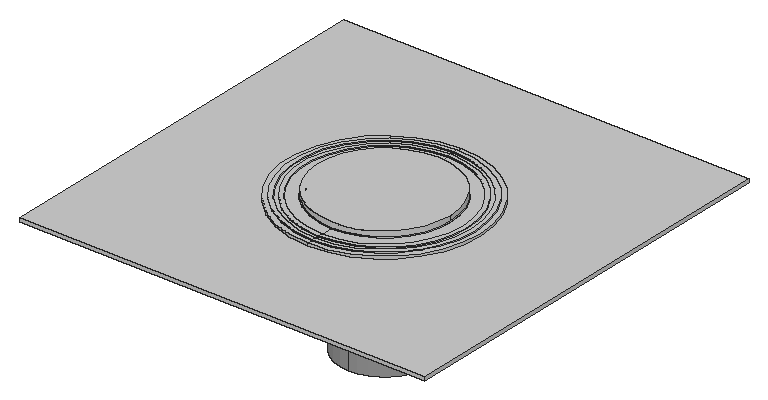
Revit family "HL_Трап для балконов и террас_HL3100THK", category Instalační zařizovací předměty, Revit 2016
Family settings
  Typ součásti = Normální
  Kóta kulaté spojky = Použít průměr
  Číslo OmniClass = 23.70.50.21.24.14
  Nadpis OmniClass = Deck Waste Water Drains
  Založené na pracovní rovině = Ne
  Vždy vertikální = Ano
  Ořezat dutým tvarem při načtení = Ne
  Sdílené = Ne
  Bod výpočtu místnosti = Ano
Parameters (values of type "HL_Трап для балконов и террас_HL3100THK")
  РАЗМЕР = "DN 75/110"
  ПРОПУСКНАЯ СПОСОБНОСТЬ [instance] = 0.0 L/s
  ПРАВОВАЯ ИНФОРМАЦИЯ = "\"Авторские права(©), права на дизайн или какие либо другие права интелектуальной собственности являются исключительной собственностью компании HL Hutterer & Lechner. Изменению не подлежит. Файл семейства с данными о прозводителе изделия защищен паролем с водяным знаком.\""
  НОМИНАЛЬНЫЙ ДИАМЕТР [instance] = 110 mm
  МАТЕРИАЛ = "PP"
  МАКСИМАЛЬНАЯ НАГРУЗКА КЛАССА = "K3 - 300 kg"
  ВЫСОТА МОНТАЖА = "163mm"
  ВЕС = "1,9 kg"
  Výrobce = "HL Hutterer & Lechner GmbH"
  URL = "http://www.hutterer-lechner.com/ru/products/catalog/roof-drains/HL3100THK.aspx"
  Материал плитка [instance] = none
  Připojení ventilace = no
  Připojení odpadu = yes
  Připojení HW = no
  Připojení CW = no
  Popis = "Трап для балконов и террас"
  Model = "HL3100THK"
  Assembly Code = " "
  Komentáře k typům = "Корпус для трапов для внутренних помещений DN75 вертикальный с гидроизоляционным полимербитумным полотном"
  Keynote = "HL3100THK"
  IH [instance] = Высота монтажа 1 + Высота монтажа 2  # 0 mm
  Высота монтажа 2 [instance] = 0 mm
  Высота монтажа 1 [instance] = 0 mm
  G [instance] = 180.00°  # constant formula
  EAN = "9003076034697"
  D [instance] = 139 mm  # constant formula
  C [instance] = if(IH - 68 mm < 0 mm, 0 mm, IH - 68 mm)  # 0 mm
  B [instance] = IH + 28 mm  # 28 mm
  A [instance] = if(B - 100 mm > 15 mm, B - 100 mm, 15 mm)  # 15 mm
Reference planes
  plane 1 "Center (Front/Back)": y = 0
  plane 2: z = 0
  plane 3 "Center (Left/Right)": x = 0
  plane 4: z = -28
  plane 5: z = 0
  plane 6: z = 0
Lines and regions (mm)
  model lines, style "InvisibleLines"
    curve 1: line (0, 0, 0) -> (0, 0, 20)
  model lines, style "PlumbingFixtures", detail levels coarse+medium
    curve 2: line (0, 0, -28) -> (0, 0, -13)
    curve 3: line (0, 0, -13) -> (-13, 0, 0)
    curve 4: line (0, 0, -13) -> (13, 0, 0)
    curve 6: line (0, 0, -28) -> (0, 0, -167)
  reference lines, not visible
    curve 5: line (0, 0, -28) -> (0, 0, -167)
  symbolic lines, style "PlumbingFixtures", detail levels coarse+medium
    curve 7: line (-75, 75, 0) -> (75, 75, 0)
    curve 8: line (-75, -75, 0) -> (-75, 75, 0)
    curve 9: line (75, -75, 0) -> (-75, -75, 0)
    curve 10: line (75, 75, 0) -> (75, -75, 0)
    curve 11: line (-75, 75, 0) -> (-145.711, 145.711, 0)
    curve 12: line (75, 75, 0) -> (145.711, 145.711, 0)
    curve 13: line (-75, -75, 0) -> (-145.711, -145.711, 0)
    curve 14: line (75, -75, 0) -> (145.711, -145.711, 0)
  symbolic lines, style "PlumbingFixtures", not visible, detail levels coarse+medium
    curve 15: line (-75, 75, 0) -> (75, 75, 0)
    curve 16: line (-75, -75, 0) -> (-75, 75, 0)
    curve 17: line (75, -75, 0) -> (-75, -75, 0)
    curve 18: line (75, 75, 0) -> (75, -75, 0)
    curve 19: line (-75, 75, 0) -> (-145.711, 145.711, 0)
    curve 20: line (75, 75, 0) -> (145.711, 145.711, 0)
    curve 21: line (-75, -75, 0) -> (-145.711, -145.711, 0)
    curve 22: line (75, -75, 0) -> (145.711, -145.711, 0)
Text (mm)
  text "FLOOR" at (-162.344, 0, -10.979), in view "вид строительства"
Dimensions and locks
  "B": plane 2 to plane 4
  "IH": plane 2 to plane 5
  "A": curve 4 to plane 4
  "D": curve 5 to curve 5
  "D": curve 6 to curve 6
  "Высота монтажа 1": plane 2 to plane 6
  locked: curve 4 to plane 3 "Center (Left/Right)" (angle 45.00°)
  locked: plane 3 "Center (Left/Right)" to curve 3 (angle 45.00°)
  "G": angle curve 5 to plane 3 "Center (Left/Right)"
  aligned and locked: level to plane 2
  aligned and locked: plane 2 to curve 4
  aligned and locked: plane 2 to curve 3
  aligned and locked: plane 4 to curve 5
  aligned and locked: plane 3 "Center (Left/Right)" to curve 5
  aligned and locked: plane 4 to curve 2
  aligned and locked: plane 3 "Center (Left/Right)" to curve 6
  aligned and locked: plane 4 to curve 6
  aligned and locked: plane 3 "Center (Left/Right)" to nested 2
  aligned and locked: nested 2 to plane 2
  aligned and locked: plane 3 "Center (Left/Right)" to nested 1
  aligned and locked: nested 1 to plane 5
Automatic sketch dimensions
  curve 2 to plane 3 "Center (Left/Right)" = 0 mm
  curve 1 to plane 3 "Center (Left/Right)" = 0 mm
  curve 1 to level = 0 mm
  curve 1 to curve 1 = 20 mm
Nested families
  nested 1: "HL-Корпус для трапов для внутренних помещений-HL3100THK" at (0, 0, 3.961), Высота монтажа <- "Высота монтажа 1", type "HL-Корпус для трапов для внутренних помещений-HL3100THK"
    with Высота монтажа 0 mm
  nested 2: "HL-Гравиеуловитель-HL151" at (0, 0, 10), type "HL-Гравиеуловитель-HL151"
Connectors
  piping at (0, 0, -167), diameter 110, driven by "ПРОПУСКНАЯ СПОСОБНОСТЬ", driven by "НОМИНАЛЬНЫЙ ДИАМЕТР"
    settings: on curve 5, index 1, connector inside diameter 609.6 mm, connector length 0 mm, flow factor 0, pipe flow 0.0 L/s, pressure drop 0.0 Pa, fitting loss kfactor 0, connector angle 0.00°, fixture units 0, engagement length 0 mm, angle of deflection 0.00°, flow configuration 1, flow direction 2, fitting loss method 0, system type 16, joint type 0, gender type 0, connector reference index -1, connector utility 0, adjustable connector yes, is connector primary yes, connector description ""
Definition of nested family "HL-Корпус для трапов для внутренних помещений-HL3100THK"
  Parameters (values of type "HL-Корпус для трапов для внутренних помещений-HL3100THK")
    РАЗМЕР = "DN 75/110"
    ПРАВОВАЯ ИНФОРМАЦИЯ = "\"Авторские права(©), права на дизайн или какие либо другие права интелектуальной собственности являются исключительной собственностью компании HL Hutterer & Lechner. Изменению не подлежит. Файл семейства с данными о прозводителе изделия защищен паролем с водяным знаком.\""
    МАТЕРИАЛ = "PP"
    МАКСИМАЛЬНАЯ НАГРУЗКА КЛАССА = "K3 - 300 kg"
    ВЫСОТА МОНТАЖА = "163mm"
    ВЕС = "1,9 kg"
    Manufacturer = "HL Hutterer & Lechner GmbH"
    URL = "http://www.hutterer-lechner.com/ru/products/catalog/roof-drains/HL3100THK.aspx"
    Description = "Корпус для трапов для внутренних помещений"
    Model = "HL3100THK"
    материал 2 = none
    Материал = none
    Type Comments = "Корпус для трапов для внутренних помещений DN75 вертикальный с гидроизоляционным полимербитумным полотном"
    Keynote = "HL3100THK"
    Высота монтажа [instance] = 0 mm
    EAN = "9003076034697"
    Cost = 0
  Reference planes
    plane 1 "Střed (vpředu/vzadu)": y = 0
    plane 2: z = 0
    plane 3 "Střed (vlevo/vpravo)": x = 0
  Forms (mm)
    Revolve 1, solid, material <- "Материал", detail levels fine
      sketch origin (0, 0, 0) x (0, 1, 0) y (0, 0, 1)
        loop
          line (72.974, -8) -> (72.974, -35.584) -> (66.054, -35.584) -> (66.054, -37.584) -> (63.498, -37.584) -> (63.498, -99.032) -> (34.897, -115.545) -> (0, -115.545) -> (0, -171.17) -> (55.003, -171.17) -> (55.003, -106.881) -> (66.054, -100.501) -> (66.054, -40.083) -> (68.498, -40.083) -> (68.498, -38.083) -> (75.493, -38.083) -> (75.493, -16.457) -> (90.682, -16.457) -> (90.682, -31.957) -> (94.576, -31.957) -> (94.576, -16.457) -> (112.51, -16.457) -> (112.51, -11) -> (122.973, -11) -> (122.973, -8) -> (72.974, -8)
        axis (0, -8) -> (0, -171.17)
      angle from 0 to 360
    Extrusion 2, solid, material <- "материал 2", detail levels fine
      sketch origin (0, 0, 0) x (1, 0, 0) y (0, 1, 0)
        loop
          line (-250.105, 249.896) -> (-250.105, -250.104) -> (249.895, -250.104) -> (249.895, 249.896) -> (-250.105, 249.896)
        loop
          circle (0, 0) r 82.379
      from -8 to -3.961
    Revolve 3, solid, material <- "материал 2", detail levels fine
      sketch origin (0, 0, 0) x (0, 1, 0) y (0, 0, 1)
        loop
          line (73.945, -2.961) -> (73.945, -3.961) -> (118.945, -3.961) -> (118.945, -0.961) -> (112.557, -0.961) -> (112.557, 0) -> (107.557, 0) -> (107.557, -0.961) -> (102.557, -0.961) -> (102.557, 0) -> (97.557, 0) -> (97.557, -0.961) -> (82.379, -0.961) -> (82.379, 0) -> (76.756, 0) -> (76.756, -2.961) -> (73.945, -2.961)
        axis (0, 0) -> (0, -3.961)
      angle from 0 to 360
  Dimensions and locks
    aligned and locked: level to plane 2
Definition of nested family "HL-Гравиеуловитель-HL151"
  Parameters (values of type "HL-Гравиеуловитель-HL151")
    ПРАВОВАЯ ИНФОРМАЦИЯ = "\"Авторские права(©), права на дизайн или какие либо другие права интелектуальной собственности являются исключительной собственностью компании HL Hutterer & Lechner. Изменению не подлежит. Файл семейства с данными о прозводителе изделия защищен паролем с водяным знаком.\""
    МАТЕРИАЛ = "PP"
    ВЕС = "0,088 kg"
    Manufacturer = "HL Hutterer & Lechner GmbH"
    URL = "http://www.hutterer-lechner.com/ru/products/catalog/roof-drains/HL151.aspx"
    Description = "Гравиеуловитель"
    Model = "HL151"
    Материал = none
    Type Comments = "Гравиеуловитель, подходит к серии HL3100T и HL5100T"
    Keynote = "HL151"
    Высота монтажа [instance] = 0 mm
    EAN = "9003076034567"
    Cost = 0
  Reference planes
    plane 1 "Střed (vpředu/vzadu)": y = 0
    plane 2: z = 0
    plane 3 "Střed (vlevo/vpravo)": x = 0
  Forms (mm)
    Extrusion 1, solid, material <- "Материал", detail levels fine
      sketch origin (0, 0, 0) x (1, 0, 0) y (0, 1, 0)
        loop
          circle (0, 0) r 81.914
      from -10 to 0
    Extrusion 2, solid, material <- "Материал", detail levels fine
      sketch origin (0, 0, 0) x (1, 0, 0) y (0, 1, 0)
        loop
          circle (0, 0) r 68.628
        loop
          circle (0, 0) r 71.198
      from -35 to 0
    Extrusion 3, void
      sketch origin (0, 0, 0) x (1, 0, 0) y (0, 1, 0)
        loop
          line (-60.141, 29.102) -> (-66.277, 32.071)
          arc (-66.277, 32.071) -> (-71.656, 18.983) -> (-73.821, 5) r 59.99
          line (-73.821, 5) -> (-66.473, 5)
          arc (-66.473, 5) -> (-64.41, 17.341) -> (-60.141, 29.102) r 68.628
        loop
          arc (-60.141, -29.102) -> (-64.41, -17.341) -> (-66.473, -5) r 68.628
          line (-66.473, -5) -> (-73.821, -5)
          arc (-73.821, -5) -> (-71.656, -18.983) -> (-66.277, -32.071) r 59.99
          line (-66.277, -32.071) -> (-60.141, -29.102)
        loop
          arc (-55.273, 37.533) -> (-47.222, 47.11) -> (-37.567, 55.067) r 68.628
          line (-37.567, 55.067) -> (-41.241, 61.431)
          arc (-41.241, 61.431) -> (-52.268, 52.565) -> (-60.912, 41.362) r 59.99
          line (-60.912, 41.362) -> (-55.273, 37.533)
        loop
          line (-4.868, 66.634) -> (-5.364, 73.433)
          arc (-5.364, 73.433) -> (-19.388, 71.548) -> (-32.581, 66.431) r 59.99
          line (-32.581, 66.431) -> (-28.906, 60.067)
          arc (-28.906, 60.067) -> (-17.188, 64.451) -> (-4.868, 66.634) r 68.628
        loop
          arc (60.141, 29.102) -> (64.41, 17.341) -> (66.473, 5) r 68.628
          line (66.473, 5) -> (73.821, 5)
          arc (73.821, 5) -> (71.656, 18.983) -> (66.277, 32.071) r 59.99
          line (66.277, 32.071) -> (60.141, 29.102)
        loop
          line (60.141, -29.102) -> (66.277, -32.071)
          arc (66.277, -32.071) -> (71.656, -18.983) -> (73.821, -5) r 59.99
          line (73.821, -5) -> (66.473, -5)
          arc (66.473, -5) -> (64.41, -17.341) -> (60.141, -29.102) r 68.628
        loop
          line (55.273, 37.533) -> (60.912, 41.362)
          arc (60.912, 41.362) -> (52.268, 52.565) -> (41.241, 61.431) r 59.99
          line (41.241, 61.431) -> (37.567, 55.067)
          arc (37.567, 55.067) -> (47.222, 47.11) -> (55.273, 37.533) r 68.628
        loop
          arc (4.868, 66.634) -> (17.188, 64.451) -> (28.906, 60.067) r 68.628
          line (28.906, 60.067) -> (32.581, 66.431)
          arc (32.581, 66.431) -> (19.388, 71.548) -> (5.364, 73.433) r 59.99
          line (5.364, 73.433) -> (4.868, 66.634)
        loop
          line (-55.273, -37.533) -> (-60.912, -41.362)
          arc (-60.912, -41.362) -> (-52.268, -52.565) -> (-41.241, -61.431) r 59.99
          line (-41.241, -61.431) -> (-37.567, -55.067)
          arc (-37.567, -55.067) -> (-47.222, -47.11) -> (-55.273, -37.533) r 68.628
        loop
          arc (-4.868, -66.634) -> (-17.188, -64.451) -> (-28.906, -60.067) r 68.628
          line (-28.906, -60.067) -> (-32.581, -66.431)
          arc (-32.581, -66.431) -> (-19.388, -71.548) -> (-5.364, -73.433) r 59.99
          line (-5.364, -73.433) -> (-4.868, -66.634)
        loop
          arc (55.273, -37.533) -> (47.222, -47.11) -> (37.567, -55.067) r 68.628
          line (37.567, -55.067) -> (41.241, -61.431)
          arc (41.241, -61.431) -> (52.268, -52.565) -> (60.912, -41.362) r 59.99
          line (60.912, -41.362) -> (55.273, -37.533)
        loop
          line (4.868, -66.634) -> (5.364, -73.433)
          arc (5.364, -73.433) -> (19.388, -71.548) -> (32.581, -66.431) r 59.99
          line (32.581, -66.431) -> (28.906, -60.067)
          arc (28.906, -60.067) -> (17.188, -64.451) -> (4.868, -66.634) r 68.628
      from -49.747 to -25
  Cuts and joins
    Extrusion 3 cuts Extrusion 1
    Extrusion 3 cuts Extrusion 2
    joined: Extrusion 1, Extrusion 2
  Lines and regions (mm)
    model lines, detail levels fine
      curve 1: line (9.273, 81.388, 0) -> (1.908, 16.748, 0)
      curve 2: line (-81.388, 9.273, 0) -> (-16.748, 1.908, 0)
      curve 3: line (-9.273, 81.388, 0) -> (-1.908, 16.748, 0)
      curve 4: line (81.388, 9.273, 0) -> (16.748, 1.908, 0)
      curve 5: line (77.681, 25.992, 0) -> (15.985, 5.348, 0)
      curve 6: line (25.992, -77.681, 0) -> (5.348, -15.985, 0)
      curve 7: line (44.013, 69.086, 0) -> (9.057, 14.216, 0)
      curve 8: line (-69.086, 44.013, 0) -> (-14.216, 9.057, 0)
      curve 9: line (27.344, 77.216, 0) -> (5.627, 15.889, 0)
      curve 10: line (77.216, -27.344, 0) -> (15.889, -5.627, 0)
      curve 11: line (69.844, 42.8, 0) -> (14.372, 8.807, 0)
      curve 12: line (-42.8, 69.844, 0) -> (-8.807, 14.372, 0)
      curve 13: line (58.425, 57.415, 0) -> (12.023, 11.814, 0)
      curve 14: line (57.415, -58.425, 0) -> (11.814, -12.023, 0)
      curve 15: circle (0, 0, 0) r 8.055 normal (0, 0, 1)
      curve 16: circle (0, 0, 0) r 16.856 normal (0, 0, 1)
      curve 17: circle (0, 0, 0) r 31.195 normal (0, 0, 1)
      curve 18: circle (0, 0, 0) r 46.714 normal (0, 0, 1)
      curve 19: circle (0, 0, 0) r 68.628 normal (0, 0, 1)
      curve 20: line (-11.814, 12.023, 0) -> (-57.415, 58.425, 0)
      curve 21: line (-5.348, 15.985, 0) -> (-25.992, 77.681, 0)
      curve 22: line (16.748, -1.908, 0) -> (81.388, -9.273, 0)
      curve 23: line (14.216, -9.057, 0) -> (69.086, -44.013, 0)
      curve 24: line (8.807, -14.372, 0) -> (42.8, -69.844, 0)
      curve 25: line (1.908, -16.748, 0) -> (9.273, -81.388, 0)
      curve 26: line (-1.908, -16.748, 0) -> (-9.273, -81.388, 0)
      curve 27: line (-5.56, -15.701, 0) -> (-27.344, -77.216, 0)
      curve 28: line (-9.057, -14.216, 0) -> (-44.013, -69.086, 0)
      curve 29: line (-12.023, -11.814, 0) -> (-58.425, -57.415, 0)
      curve 30: line (-14.372, -8.807, 0) -> (-69.844, -42.8, 0)
      curve 31: line (-15.985, -5.348, 0) -> (-77.681, -25.992, 0)
      curve 32: line (-16.748, -1.908, 0) -> (-81.388, -9.273, 0)
      curve 33: line (-15.889, 5.627, 0) -> (-77.216, 27.344, 0)
  Dimensions and locks
    aligned and locked: level to plane 2
    aligned and locked: plane 2 to Extrusion 2
    aligned and locked: plane 2 to Extrusion 1
